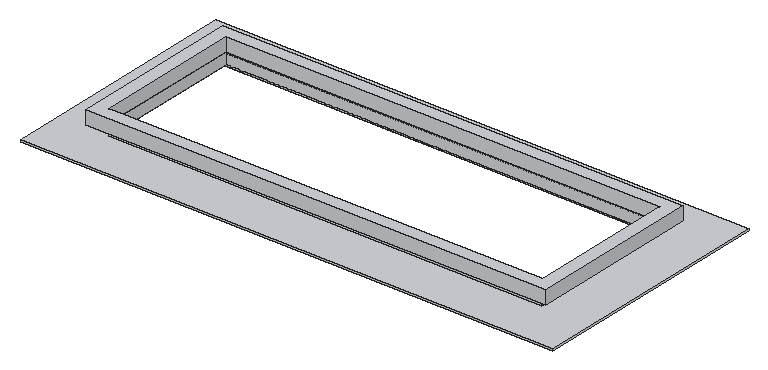
Revit family "IOSK4", category Generic Models, host Face, Revit 2019
Family settings
  Host = Face
  Can host rebar = No
  Round Connector Dimension = Use Diameter
  Part Type = Normal
  Cut with Voids When Loaded = No
  Shared = No
  Room Calculation Point = No
Parameters
  Default Elevation = 48.00"
Reference planes (in)
  plane 1 "Center (Front/Back)": y = 0
  plane 2: z = 0
  plane 3 "Center (Left/Right)": x = 0
Forms (in)
  Extrusion 1, solid
    sketch origin (0, 0, 0) x (1, 0, 0) y (0, 1, 0)
      loop
        line (-30.625, 14.06) -> (-30.625, -14.06) -> (30.625, -14.06) -> (30.625, 14.06) -> (-30.625, 14.06)
      loop
        line (24.966, 8.279) -> (-24.966, 8.279) -> (-24.966, -8.279) -> (24.966, -8.279) -> (24.966, 8.279)
    from 0 to 0.15
  Extrusion 2, solid
    sketch origin (0, 0, 0) x (1, 0, 0) y (0, 1, 0)
      loop
        line (-24.935, 8.4835) -> (-24.935, -8.4835) -> (24.935, -8.4835) -> (24.935, 8.4835) -> (-24.935, 8.4835)
      loop
        line (24.84625, 8.279) -> (-24.84625, 8.279) -> (-24.84625, -8.279) -> (24.84625, -8.279) -> (24.84625, 8.279)
    from 1.4 to 0.15
  Extrusion 3, solid
    sketch origin (0, 0, 0) x (1, 0, 0) y (0, 1, 0)
      loop
        line (-26.469, 9.9015) -> (-26.469, -9.9015) -> (26.469, -9.9015) -> (26.469, 9.9015) -> (-26.469, 9.9015)
      loop
        line (24.935, 8.3925) -> (-24.96, 8.3925) -> (-24.96, -8.3925) -> (24.935, -8.3925) -> (24.935, 8.3925)
    from 2.9 to 1.4
Dimensions and locks (in)
  aligned and locked: plane 2 to host face
  aligned and locked: level to host face
